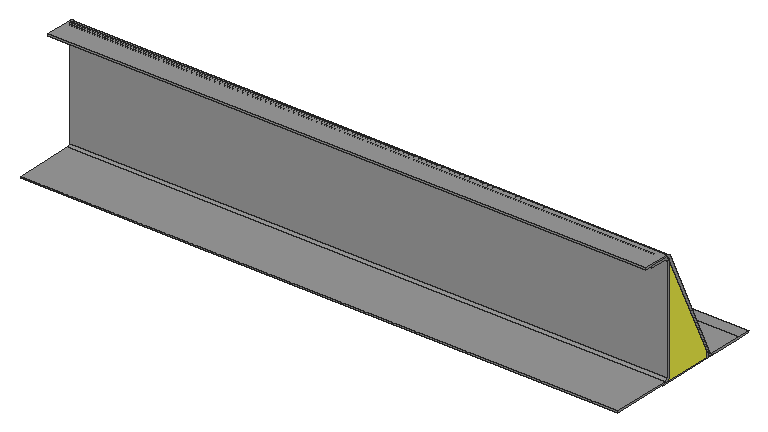
Revit family "CFS K 110 WIL", category Generic Models, Revit 2014
Parameters (values of type "Max lintel length 4800mm")
  URL = "http://www.keystonelintels.co.uk"
  Structural Opening [instance] = 900 mm
  Structural Performance = "The Keystone lintel range has safe working loads as detailed in each applicable loading table in the Keystone Lintel Guide brochure. The structural performance figures within each table have been ascertained by testing in accordance with the requirements of standards BS EN 5977-2: 1983 and BS EN 845-2: 2003."
  RIBA Productor Selector = "available for Keystone Lintels Ltd from Keystone Lintels Ltd from ribaproductselector.com"
  Model = "CFS/K 110 WIL"
  Min Length = 600 mm
  Min Clear Span = 300 mm
  Max Length = 4800 mm
  Max Clear Span = 4800 mm
  Material - Stainless Steel = "Grade 304 2b 1.4307 to BS EN 10088-2. Other grades available on request: contact manufacturer."
  Material - Galvanised Steel = "To BS EN 10346: 2009. DX51D plus Z600 or grade Z275 to BS 5977-2: 1983 (BS EN 845-2: 2003)."
  Manufacturer = "Keystone"
  Manufactured Length [instance] = (roundup(Effective Length / 150 mm) * 150 mm)  # 1200 mm
  Lintel height [instance] = 2100 mm
  Keynote = "F30/755"
  Fire Performance = "Keystone lintels have been subjected to a fire test (WARRES No. 101263) in accordance with BS 476-20: 1987, at Exova Warrington Fire and achieved a one hour fire performance."
  End Bearing = 150 mm
  Effective Length [instance] = Clear Opening with MIN MAX set + End Bearing * 2  # 1200 mm
  Corrosion = "Keystone’s standard range of lintels are manufactured from high quality grade pre-galvanized carbon steel with a zinc coating of 600"
  Contact Tel = "+44 (0)28 8676 2184"
  Contact Email = "info@keystonelintels.co.uk"
  Clear Opening with MIN MAX set [instance] = if(Structural Opening < Min Clear Span, Min Clear Span, (if(Structural Opening > Max Clear Span, Max Clear Span, Structural Opening)))  # 900 mm
  CPD Information = "Available for Keystone Lintels Ltd from ribacpd.com"
Reference planes
  plane 1 "Center (Front/Back)": y = 0
  plane 2: z = 0
  plane 3 "Center (Left/Right)": x = 0
  plane 4: x = -600
  plane 5: x = 600
  plane 6: z = 2100
  plane 7: x = -450
  plane 8: x = 450
Forms (mm)
  Extrusion 1, solid, material "Steel"
    sketch origin (0, 700.421, -496.241) x (0, 1, 0) y (0, 0, 1)
      loop
        line (-577.993, 2596.241) -> (-553.108, 2595.391) -> (-552.999, 2598.589) -> (-577.939, 2599.441) -> (-647.97, 2599.441)
        arc (-647.97, 2599.441) -> (-648.946, 2599.729) -> (-649.61, 2600.5) r 1.8
        line (-649.61, 2600.5) -> (-751.231, 2822.182)
        arc (-751.231, 2822.182) -> (-753.15, 2824.41) -> (-755.97, 2825.241) r 5.2
        line (-755.97, 2825.241) -> (-810.97, 2825.241) -> (-810.97, 2822.041) -> (-755.97, 2822.041)
        arc (-755.97, 2822.041) -> (-754.885, 2821.721) -> (-754.147, 2820.865) r 2
        line (-754.147, 2820.865) -> (-652.526, 2599.182)
        arc (-652.526, 2599.182) -> (-650.682, 2597.04) -> (-647.97, 2596.241) r 5
        line (-647.97, 2596.241) -> (-577.993, 2596.241)
    from -600 to 600
  Extrusion 2, solid, material "Steel"
    sketch origin (0, 700.421, -496.241) x (0, 1, 0) y (0, 0, 1)
      loop
        line (-880.973, 2596.241) -> (-760.973, 2596.241)
        arc (-760.973, 2596.241) -> (-755.387, 2598.555) -> (-753.073, 2604.141) r 7.9
        line (-753.073, 2604.141) -> (-753.073, 2814.141)
        arc (-753.073, 2814.141) -> (-755.387, 2819.727) -> (-760.973, 2822.041) r 7.9
        line (-760.973, 2822.041) -> (-795.973, 2822.041) -> (-795.973, 2818.841) -> (-760.973, 2818.841)
        arc (-760.973, 2818.841) -> (-757.65, 2817.464) -> (-756.273, 2814.141) r 4.7
        line (-756.273, 2814.141) -> (-756.273, 2604.141)
        arc (-756.273, 2604.141) -> (-757.65, 2600.818) -> (-760.973, 2599.441) r 4.7
        line (-760.973, 2599.441) -> (-880.973, 2599.441) -> (-880.973, 2596.241)
    from -600 to 600
  Extrusion 3, solid, material "Steel"
    sketch origin (0, 700.421, -496.241) x (0, 1, 0) y (0, 0, 1)
      loop
        line (-638.681, 2595.241) -> (-638.681, 2596.241) -> (-655.681, 2596.241) -> (-655.681, 2604.241) -> (-656.681, 2604.241) -> (-656.681, 2596.241) -> (-768.681, 2596.241) -> (-768.681, 2595.241) -> (-638.681, 2595.241)
    from -600 to 600
  Extrusion 4, solid, material "Insulation"
    sketch origin (0, 700.421, -496.241) x (0, 1, 0) y (0, 0, 1)
      loop
        line (-655.681, 2596.241) -> (-647.97, 2596.241)
        arc (-647.97, 2596.241) -> (-650.682, 2597.04) -> (-652.526, 2599.182) r 5
        line (-652.526, 2599.182) -> (-754.147, 2820.865)
        arc (-754.147, 2820.865) -> (-754.885, 2821.721) -> (-755.97, 2822.041) r 2
        line (-755.97, 2822.041) -> (-760.973, 2822.041)
        arc (-760.973, 2822.041) -> (-755.387, 2819.727) -> (-753.073, 2814.141) r 7.9
        line (-753.073, 2814.141) -> (-753.073, 2604.141)
        arc (-753.073, 2604.141) -> (-755.387, 2598.555) -> (-760.973, 2596.241) r 7.9
        line (-760.973, 2596.241) -> (-656.681, 2596.241) -> (-656.681, 2604.241) -> (-655.681, 2604.241) -> (-655.681, 2596.241)
    from -600 to 600
  Extrusion 5, solid, not visible
    sketch origin (0, 938.119, 1216.322) x (0, 1, 0) y (0, 0, 1)
      loop
        line (-577.993, 996.241) -> (-553.108, 995.391) -> (-552.999, 998.589) -> (-577.939, 999.441) -> (-647.97, 999.441)
        arc (-647.97, 999.441) -> (-648.946, 999.729) -> (-649.61, 1000.5) r 1.8
        line (-649.61, 1000.5) -> (-751.231, 1222.182)
        arc (-751.231, 1222.182) -> (-753.15, 1224.41) -> (-755.97, 1225.241) r 5.2
        line (-755.97, 1225.241) -> (-810.97, 1225.241) -> (-810.97, 1222.041) -> (-755.97, 1222.041)
        arc (-755.97, 1222.041) -> (-754.885, 1221.721) -> (-754.147, 1220.865) r 2
        line (-754.147, 1220.865) -> (-652.526, 999.182)
        arc (-652.526, 999.182) -> (-650.682, 997.04) -> (-647.97, 996.241) r 5
        line (-647.97, 996.241) -> (-577.993, 996.241)
    from 0 to 250
  Extrusion 6, solid, not visible
    sketch origin (0, 594.283, 1172.43) x (0, 1, 0) y (0, 0, 1)
      loop
        line (-880.973, 996.241) -> (-760.973, 996.241)
        arc (-760.973, 996.241) -> (-755.387, 998.555) -> (-753.073, 1004.141) r 7.9
        line (-753.073, 1004.141) -> (-753.073, 1214.141)
        arc (-753.073, 1214.141) -> (-755.387, 1219.727) -> (-760.973, 1222.041) r 7.9
        line (-760.973, 1222.041) -> (-795.973, 1222.041) -> (-795.973, 1218.841) -> (-760.973, 1218.841)
        arc (-760.973, 1218.841) -> (-757.65, 1217.464) -> (-756.273, 1214.141) r 4.7
        line (-756.273, 1214.141) -> (-756.273, 1004.141)
        arc (-756.273, 1004.141) -> (-757.65, 1000.818) -> (-760.973, 999.441) r 4.7
        line (-760.973, 999.441) -> (-880.973, 999.441) -> (-880.973, 996.241)
    from 0 to 250
  Extrusion 7, solid, not visible
    sketch origin (0, 907.134, 1035.546) x (0, 1, 0) y (0, 0, 1)
      loop
        line (-638.681, 995.241) -> (-638.681, 996.241) -> (-655.681, 996.241) -> (-655.681, 1004.241) -> (-656.681, 1004.241) -> (-656.681, 996.241) -> (-768.681, 996.241) -> (-768.681, 995.241) -> (-638.681, 995.241)
    from 0 to 250
  Extrusion 8, solid, not visible
    sketch origin (0, 515.268, 812.362) x (0, 1, 0) y (0, 0, 1)
      loop
        line (-655.681, 996.241) -> (-647.97, 996.241)
        arc (-647.97, 996.241) -> (-650.682, 997.04) -> (-652.526, 999.182) r 5
        line (-652.526, 999.182) -> (-754.147, 1220.865)
        arc (-754.147, 1220.865) -> (-754.885, 1221.721) -> (-755.97, 1222.041) r 2
        line (-755.97, 1222.041) -> (-760.973, 1222.041)
        arc (-760.973, 1222.041) -> (-755.387, 1219.727) -> (-753.073, 1214.141) r 7.9
        line (-753.073, 1214.141) -> (-753.073, 1004.141)
        arc (-753.073, 1004.141) -> (-755.387, 998.555) -> (-760.973, 996.241) r 7.9
        line (-760.973, 996.241) -> (-656.681, 996.241) -> (-656.681, 1004.241) -> (-655.681, 1004.241) -> (-655.681, 996.241)
    from 0 to 250
Dimensions and locks
  equal spacing: plane 4, plane 3 "Center (Left/Right)", plane 5
  "Manufactured Length": plane 4 to plane 5
  "Lintel height": plane 6 to level
  "Structural Opening": plane 7 to plane 8
  equal spacing: plane 7, plane 3 "Center (Left/Right)", plane 8
  aligned and locked: level to plane 2
  aligned and locked: Extrusion 1 to plane 6
  aligned and locked: Extrusion 4 to plane 6
  aligned and locked: Extrusion 2 to plane 6
  aligned and locked: plane 6 to Extrusion 3
  aligned and locked: plane 5 to Extrusion 3
  aligned and locked: Extrusion 3 to plane 4
  aligned and locked: plane 5 to Extrusion 2
  aligned and locked: Extrusion 2 to plane 4
  aligned and locked: plane 5 to Extrusion 1
  aligned and locked: Extrusion 1 to plane 4
  aligned and locked: plane 5 to Extrusion 4
  aligned and locked: Extrusion 4 to plane 4
Automatic sketch dimensions
  Extrusion 1 sketch curve to Extrusion 1 sketch curve = 0.109 mm
  Extrusion 1 sketch curve to Extrusion 1 sketch curve = 0.85 mm
  Extrusion 1 sketch curve to Extrusion 1 sketch curve = 0.055 mm
  Extrusion 1 sketch curve to Extrusion 1 sketch curve = 69.977 mm
  Extrusion 1 sketch curve to Extrusion 1 sketch curve = 4.556 mm
  Extrusion 1 sketch curve to Extrusion 1 sketch curve = 0.259 mm
  Extrusion 1 sketch curve to Extrusion 1 sketch curve = 1.8 mm
  Extrusion 1 sketch curve to Extrusion 1 sketch curve = 101.621 mm
  Extrusion 1 sketch curve to Extrusion 1 sketch curve = 221.683 mm
  Extrusion 1 sketch curve to Extrusion 1 sketch curve = 1.64 mm
  Extrusion 1 sketch curve to Extrusion 1 sketch curve = 2.916 mm
  Extrusion 1 sketch curve to Extrusion 1 sketch curve = 1.318 mm
  Extrusion 1 sketch curve to Extrusion 1 sketch curve = 1.823 mm
  Extrusion 1 sketch curve to Extrusion 1 sketch curve = 0.824 mm
  Extrusion 1 sketch curve to Extrusion 1 sketch curve = 55 mm
  Extrusion 2 sketch curve to Extrusion 2 sketch curve = 120 mm
  Extrusion 2 sketch curve to Extrusion 2 sketch curve = 3.2 mm
  Extrusion 2 sketch curve to Extrusion 2 sketch curve = 4.7 mm  (x2)
  Extrusion 2 sketch curve to Extrusion 2 sketch curve = 0 mm  (x8)
  Extrusion 2 sketch curve to Extrusion 2 sketch curve = 210 mm
  Extrusion 2 sketch curve to Extrusion 2 sketch curve = 35 mm
  Extrusion 3 sketch curve to Extrusion 3 sketch curve = 130 mm
  Extrusion 3 sketch curve to Extrusion 3 sketch curve = 1 mm  (x2)
  Extrusion 3 sketch curve to Extrusion 3 sketch curve = 17 mm
  Extrusion 3 sketch curve to Extrusion 3 sketch curve = 8 mm
  Extrusion 3 sketch curve to Extrusion 3 sketch curve = 0 mm
  Extrusion 4 sketch curve to Extrusion 4 sketch curve = 4.556 mm
  Extrusion 4 sketch curve to Extrusion 4 sketch curve = 3.154 mm
  Extrusion 4 sketch curve to Extrusion 4 sketch curve = 0 mm  (x4)
  Extrusion 4 sketch curve to Extrusion 4 sketch curve = 2.059 mm
  Extrusion 4 sketch curve to Extrusion 4 sketch curve = 101.621 mm
  Extrusion 4 sketch curve to Extrusion 4 sketch curve = 221.683 mm
  Extrusion 4 sketch curve to Extrusion 4 sketch curve = 5.059 mm
  Extrusion 4 sketch curve to Extrusion 4 sketch curve = 1 mm
  Extrusion 4 sketch curve to Extrusion 4 sketch curve = 104.293 mm
  Extrusion 4 sketch curve to Extrusion 4 sketch curve = 7.9 mm  (x3)
  Extrusion 4 sketch curve to Extrusion 4 sketch curve = 6.724 mm
  Extrusion 4 sketch curve to Extrusion 4 sketch curve = 1.823 mm
  Extrusion 4 sketch curve to Extrusion 4 sketch curve = 0.824 mm
  Extrusion 4 sketch curve to Extrusion 4 sketch curve = 2.941 mm
  Extrusion 1 sketch curve to Extrusion 1 sketch curve = 0 mm  (x8)
  Extrusion 5 sketch curve to Extrusion 5 sketch curve = 0.109 mm
  Extrusion 5 sketch curve to Extrusion 5 sketch curve = 0.85 mm
  Extrusion 5 sketch curve to Extrusion 5 sketch curve = 0.055 mm
  Extrusion 5 sketch curve to Extrusion 5 sketch curve = 69.977 mm
  Extrusion 5 sketch curve to Extrusion 5 sketch curve = 4.556 mm
  Extrusion 5 sketch curve to Extrusion 5 sketch curve = 0.259 mm
  Extrusion 5 sketch curve to Extrusion 5 sketch curve = 1.8 mm
  Extrusion 5 sketch curve to Extrusion 5 sketch curve = 101.621 mm
  Extrusion 5 sketch curve to Extrusion 5 sketch curve = 221.683 mm
  Extrusion 5 sketch curve to Extrusion 5 sketch curve = 1.64 mm
  Extrusion 5 sketch curve to Extrusion 5 sketch curve = 2.916 mm
  Extrusion 5 sketch curve to Extrusion 5 sketch curve = 1.318 mm
  Extrusion 5 sketch curve to Extrusion 5 sketch curve = 1.823 mm
  Extrusion 5 sketch curve to Extrusion 5 sketch curve = 0.824 mm
  Extrusion 5 sketch curve to Extrusion 5 sketch curve = 55 mm
  Extrusion 5 sketch curve to Extrusion 5 sketch curve = 0 mm  (x8)
  Extrusion 6 sketch curve to Extrusion 6 sketch curve = 120 mm
  Extrusion 6 sketch curve to Extrusion 6 sketch curve = 3.2 mm
  Extrusion 6 sketch curve to Extrusion 6 sketch curve = 0 mm  (x8)
  Extrusion 6 sketch curve to Extrusion 6 sketch curve = 4.7 mm  (x2)
  Extrusion 6 sketch curve to Extrusion 6 sketch curve = 210 mm
  Extrusion 6 sketch curve to Extrusion 6 sketch curve = 35 mm
  Extrusion 7 sketch curve to Extrusion 7 sketch curve = 130 mm
  Extrusion 7 sketch curve to Extrusion 7 sketch curve = 1 mm  (x2)
  Extrusion 7 sketch curve to Extrusion 7 sketch curve = 17 mm
  Extrusion 7 sketch curve to Extrusion 7 sketch curve = 8 mm
  Extrusion 7 sketch curve to Extrusion 7 sketch curve = 0 mm
  Extrusion 8 sketch curve to Extrusion 8 sketch curve = 4.556 mm
  Extrusion 8 sketch curve to Extrusion 8 sketch curve = 3.154 mm
  Extrusion 8 sketch curve to Extrusion 8 sketch curve = 0 mm  (x4)
  Extrusion 8 sketch curve to Extrusion 8 sketch curve = 2.059 mm
  Extrusion 8 sketch curve to Extrusion 8 sketch curve = 101.621 mm
  Extrusion 8 sketch curve to Extrusion 8 sketch curve = 221.683 mm
  Extrusion 8 sketch curve to Extrusion 8 sketch curve = 5.059 mm
  Extrusion 8 sketch curve to Extrusion 8 sketch curve = 1 mm
  Extrusion 8 sketch curve to Extrusion 8 sketch curve = 104.293 mm
  Extrusion 8 sketch curve to Extrusion 8 sketch curve = 7.9 mm  (x3)
  Extrusion 8 sketch curve to Extrusion 8 sketch curve = 6.724 mm
  Extrusion 8 sketch curve to Extrusion 8 sketch curve = 1.823 mm
  Extrusion 8 sketch curve to Extrusion 8 sketch curve = 0.824 mm
  Extrusion 8 sketch curve to Extrusion 8 sketch curve = 2.941 mm
  Extrusion 4 sketch curve to plane 6 = 0 mm
  plane 1 "Center (Front/Back)" to Extrusion 4 sketch curve = 60.553 mm
  Extrusion 2 sketch curve to plane 6 = 0 mm
  plane 1 "Center (Front/Back)" to Extrusion 2 sketch curve = 180.553 mm
  Extrusion 1 sketch curve to plane 6 = 0 mm
  plane 1 "Center (Front/Back)" to Extrusion 1 sketch curve = 110.549 mm
  Extrusion 3 sketch curve to plane 6 = 0 mm
  plane 1 "Center (Front/Back)" to Extrusion 3 sketch curve = 68.26 mm
